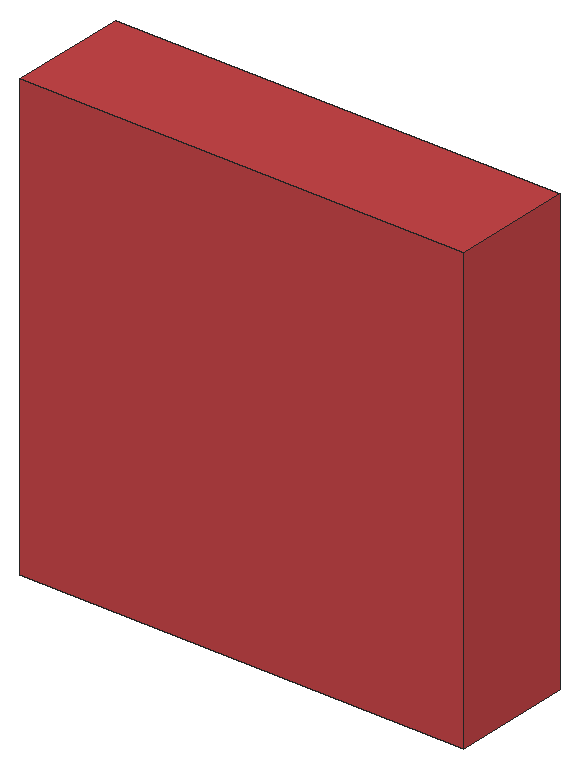
Revit family "IQ8Wireless universal interface", category Fire Alarm Devices, Revit 2014
Parameters (values of type "MCP Large")
  type of detector [instance] = "HM"
  material 3 = White
  material 2 = Transparant
  material = Red
  l1 = 133 mm
  h1 = 133 mm
  distance to the wall [instance] = 0 mm
  distance symbol from center [instance] = 0 mm
  content_version = "1.0"
  content_date_modified = "16.06.2015"
  content_date_creation = "16.06.2015"  # constant formula
  b2 = 4 mm
  b1 = 36 mm
  article number = "704900 + 804905"
  URL = "https://www.esser-systems.com/en/produkte/details/manual-call-points/large-design-abs/704900-mcp-housing-large-with-glass-pane-red-similar-to-ral-3020.html"
  Model = "MCP housing large with glass pane, red, similar to RAL 3020 with IQ8MCP electronic module with isolator"
  Manufacturer = "Esser by Honeywell"  # constant formula
  GTIN = ""
  GLN = ""
Reference planes
  plane 1 "Center (Front/Back)": y = 0
  plane 2: z = 0
  plane 3 "Center (Left/Right)": x = 0
  plane 4 "Left": x = 66.5
  plane 5 "Right": x = -66.5
  plane 6 "Front": y = 36
  plane 7 "Top": z = 66.5
  plane 8 "Flip Front": y = 32
  plane 9 "Bottom": z = -66.5
Forms (mm)
  Extrusion 1, solid, material "Red" <- "material"
    sketch origin (0, 36, 0) x (1, 0, 0) y (0, 0, 1)
      loop
        line (66.5, 66.5) -> (-66.5, 66.5) -> (-66.5, -66.5) -> (66.5, -66.5) -> (66.5, 66.5)
    from 0 to 36
  Extrusion 2, void
    sketch origin (0, 36, 0) x (1, 0, 0) y (0, 0, 1)
      loop
        line (37.5, 37.5) -> (-37.5, 37.5) -> (-37.5, -37.5) -> (37.5, -37.5) -> (37.5, 37.5)
      loop
        line (37.5, 42.588) -> (37.5, 63.666) -> (-37.5, 63.666) -> (-37.5, 42.588) -> (37.5, 42.588)
    from 0 to 5
  Extrusion 3, solid, material "Transparant" <- "material 2"
    sketch origin (0, 36, 0) x (1, 0, 0) y (0, 0, 1)
      loop
        line (37.5, 63.666) -> (-37.5, 63.666) -> (-37.5, 42.588) -> (37.5, 42.588) -> (37.5, 63.666)
      loop
        line (37.5, 37.5) -> (-37.5, 37.5) -> (-37.5, -37.5) -> (37.5, -37.5) -> (37.5, 37.5)
    from 0 to 4
  Extrusion 4, solid, material "White" <- "material 3"
    sketch origin (-224.809, 36, -595.986) x (1, 0, 0) y (0, 0, 1)
      loop
        line (231.637, 652.295) -> (231.637, 657.381) -> (227.957, 657.381) -> (227.957, 654.376) -> (228.757, 653.895) -> (228.757, 656.581) -> (230.837, 656.581) -> (230.837, 652.776) -> (231.637, 652.295)
      loop
        line (234.379, 649.928) -> (224.809, 655.679) -> (215.238, 649.928) -> (215.238, 648.995) -> (224.809, 654.745) -> (234.379, 648.995) -> (234.379, 649.928)
      loop
        line (232.325, 649.765) -> (232.325, 641.64) -> (227.685, 641.64) -> (227.685, 648.04) -> (226.885, 648.04) -> (226.885, 640.84) -> (233.125, 640.84) -> (233.125, 649.285) -> (232.325, 649.765)
      loop
        line (221.937, 641.64) -> (217.293, 641.64) -> (217.293, 649.765) -> (216.493, 649.285) -> (216.493, 640.84) -> (221.937, 640.84) -> (221.937, 641.64)
    from 4 to 5
  Extrusion 5, solid, material "White" <- "material 3"
    sketch origin (-224.809, 36, -595.986) x (1, 0, 0) y (0, 0, 1)
      loop
        spline (222.313, 645.15) -> (221.654, 645.953) -> (221.379, 646.226) -> (221.15, 646.245) -> (220.93, 646.095) -> (220.778, 645.804) -> (220.733, 645.402) -> (220.788, 644.931) -> (220.932, 644.435) -> (221.16, 643.946) -> (221.503, 643.434) -> (222.001, 642.842) -> (222.699, 642.116)
        spline (222.699, 642.116) -> (223.283, 642.807) -> (223.611, 643.41) -> (223.752, 643.921) -> (223.775, 644.338) -> (223.72, 644.672) -> (223.593, 644.946) -> (223.402, 645.184) -> (223.16, 645.388) -> (222.914, 645.477) -> (222.713, 645.361) -> (222.552, 645.116) -> (222.313, 645.15)
      loop
        spline (222.89, 641.46) -> (224.923, 642.494) -> (225.915, 643.836) -> (226.203, 645.143) -> (226.069, 646.382) -> (225.687, 647.534) -> (225.037, 648.52) -> (224.158, 649.326) -> (223.242, 650.074) -> (222.407, 650.945) -> (221.615, 652.19) -> (220.811, 654.091) -> (219.927, 657.001)
        spline (219.927, 657.001) -> (219.845, 655.812) -> (219.819, 654.784) -> (219.839, 653.893) -> (219.898, 653.112) -> (219.989, 652.418) -> (220.102, 651.785) -> (220.231, 651.187) -> (220.366, 650.605) -> (220.495, 650.043) -> (220.604, 649.511) -> (220.679, 649.019) -> (220.707, 648.577)
        spline (220.707, 648.577) -> (220.43, 648.751) -> (220.163, 648.935) -> (219.904, 649.131) -> (219.651, 649.345) -> (219.4, 649.58) -> (219.151, 649.839) -> (218.899, 650.127) -> (218.643, 650.447) -> (218.38, 650.804) -> (218.107, 651.2) -> (217.821, 651.641) -> (217.522, 652.128)
        spline (217.522, 652.128) -> (217.649, 649.95) -> (217.809, 648.901) -> (217.785, 648.051) -> (217.704, 647.213) -> (217.728, 646.369) -> (217.973, 645.572) -> (218.484, 644.866) -> (219.148, 644.268) -> (219.862, 643.754) -> (220.647, 643.172) -> (221.578, 642.377) -> (222.89, 641.46)
    from 4 to 5
Cuts and joins
  Extrusion 2 cuts Extrusion 1
  joined: Extrusion 4, Extrusion 5
Lines and regions (mm)
  model lines
    curve 1: arc (-52, 36, 35.567) -> (0, 36, -63) -> (52, 36, 35.567) r 63
    curve 2: arc (-37.5, 36, 37.5) -> (0, 36, -53.033) -> (37.5, 36, 37.5) r 53.033
    curve 3: line (-52, 36, 35.567) -> (-52, 36, 66.5)
    curve 4: line (52, 36, 35.567) -> (52, 36, 66.5)
    curve 5: line (52, 36, 66.5) -> (52, 0, 66.5)
    curve 6: line (-52, 36, 66.5) -> (-52, 0, 66.5)
    curve 7: line (10, 36, -37.5) -> (10, 36, -58.709)
    curve 8: line (-10, 36, -37.5) -> (-10, 36, -58.709)
    curve 9: arc (-10, 36, -58.709) -> (0, 36, -59.554) -> (10, 36, -58.709) r 59.554
Dimensions and locks
  equal spacing: plane 4 "Left", plane 3 "Center (Left/Right)", plane 5 "Right"
  "b1": plane 1 "Center (Front/Back)" to plane 6 "Front"
  "l1": plane 4 "Left" to plane 5 "Right"
  locked: plane 2 to level
  "b2": plane 8 "Flip Front" to plane 6 "Front"
  equal spacing: plane 7 "Top", level, plane 9 "Bottom"
  "h1": plane 7 "Top" to plane 9 "Bottom"
  locked: plane 6 "Front" to nested 1 at 4.8
  aligned and locked: plane 7 "Top" to Extrusion 1 sketch curve
  aligned and locked: Extrusion 1 sketch curve to plane 4 "Left"
  aligned and locked: Extrusion 1 sketch curve to plane 9 "Bottom"
  aligned and locked: Extrusion 1 sketch curve to plane 5 "Right"
  aligned and locked: plane 1 "Center (Front/Back)" to Extrusion 1
  aligned and locked: nested 1 to plane 3 "Center (Left/Right)"
  aligned and locked: Extrusion 3 sketch curve to cut or joined group of Extrusion 1, Extrusion 2  (x4)
  aligned and locked: Extrusion 3 sketch curve to nested 1  (x4)
  aligned and locked: Extrusion 3 to plane 8 "Flip Front"
  aligned and locked: cut or joined group of Extrusion 4, Extrusion 5 to cut or joined group of Extrusion 1, Extrusion 2  (x2)
  aligned and locked: curve 5 to curve 4
  aligned and locked: curve 6 to curve 3
  aligned and locked: nested 1 to curve 7
  aligned and locked: nested 1 to curve 8
Automatic sketch dimensions
  curve 1 to curve 2 = 0 mm  (x2)
  curve 1 to curve 9 = 0 mm  (x2)
  curve 2 to curve 9 = 0 mm  (x2)
  curve 3 to plane 7 "Top" = 0 mm
  curve 1 to level = 0 mm
  plane 3 "Center (Left/Right)" to curve 1 = 0 mm
  curve 4 to plane 7 "Top" = 0 mm
  plane 3 "Center (Left/Right)" to curve 8 = 10 mm
  plane 5 "Right" to curve 3 = 14.5 mm
  curve 7 to plane 3 "Center (Left/Right)" = 10 mm
  plane 4 "Left" to curve 4 = 14.5 mm
  plane 9 "Bottom" to curve 7 = 7.791 mm
  curve 3 to curve 3 = 30.933 mm
  curve 3 to curve 2 = 14.5 mm
  curve 2 to curve 1 = 14.5 mm
  curve 3 to curve 2 = 1.933 mm
  Extrusion 2 sketch curve to plane 7 "Top" = 2.834 mm
  plane 5 "Right" to Extrusion 2 sketch curve = 29 mm
  Extrusion 2 sketch curve to Extrusion 2 sketch curve = 0 mm  (x2)
  plane 4 "Left" to Extrusion 2 sketch curve = 29 mm
  Extrusion 2 sketch curve to Extrusion 2 sketch curve = 21.078 mm
  Extrusion 2 sketch curve to Extrusion 2 sketch curve = 5.088 mm
  plane 9 "Bottom" to Extrusion 2 sketch curve = 29 mm
  plane 3 "Center (Left/Right)" to Extrusion 4 sketch curve = 0 mm  (x2)
  plane 3 "Center (Left/Right)" to Extrusion 4 sketch curve = 2.872 mm
  Extrusion 4 sketch curve to Extrusion 4 sketch curve = 4.644 mm
  Extrusion 4 sketch curve to Extrusion 4 sketch curve = 0.8 mm  (x8)
  Extrusion 4 sketch curve to Extrusion 4 sketch curve = 1.255 mm  (x2)
  Extrusion 4 sketch curve to plane 3 "Center (Left/Right)" = 2.076 mm
  Extrusion 4 sketch curve to plane 3 "Center (Left/Right)" = 3.149 mm
  Extrusion 4 sketch curve to Extrusion 4 sketch curve = 2.08 mm
  Extrusion 4 sketch curve to Extrusion 4 sketch curve = 4.64 mm
  Extrusion 4 sketch curve to plane 7 "Top" = 21.647 mm
  Extrusion 4 sketch curve to Extrusion 4 sketch curve = 0 mm
  Extrusion 4 sketch curve to Extrusion 4 sketch curve = 6.4 mm
  Extrusion 4 sketch curve to Extrusion 4 sketch curve = 0.955 mm
  Extrusion 4 sketch curve to Extrusion 4 sketch curve = 7.355 mm
  Extrusion 4 sketch curve to Extrusion 4 sketch curve = 0.29 mm  (x2)
  Extrusion 4 sketch curve to Extrusion 4 sketch curve = 0.481 mm  (x4)
  Extrusion 4 sketch curve to Extrusion 4 sketch curve = 0.933 mm  (x3)
  Extrusion 4 sketch curve to Extrusion 4 sketch curve = 2.529 mm
  Extrusion 4 sketch curve to Extrusion 4 sketch curve = 1.119 mm
  Extrusion 4 sketch curve to Extrusion 4 sketch curve = 0.37 mm
  Extrusion 4 sketch curve to Extrusion 4 sketch curve = 2.205 mm
  plane 3 "Center (Left/Right)" to Extrusion 5 sketch curve = 7.287 mm
  plane 3 "Center (Left/Right)" to Extrusion 5 sketch curve = 4.882 mm
  plane 3 "Center (Left/Right)" to Extrusion 5 sketch curve = 4.101 mm
  plane 3 "Center (Left/Right)" to Extrusion 5 sketch curve = 2.11 mm
  Extrusion 5 sketch curve to Extrusion 5 sketch curve = 0.191 mm
  Extrusion 5 sketch curve to plane 7 "Top" = 21.026 mm
  Extrusion 5 sketch curve to Extrusion 5 sketch curve = 0.656 mm
  Extrusion 5 sketch curve to Extrusion 5 sketch curve = 6.461 mm
  Extrusion 5 sketch curve to Extrusion 5 sketch curve = 3.551 mm
  Extrusion 5 sketch curve to Extrusion 5 sketch curve = 4.872 mm
  plane 3 "Center (Left/Right)" to Extrusion 5 sketch curve = 2.496 mm
  Extrusion 5 sketch curve to Extrusion 5 sketch curve = 0 mm  (x2)
  Extrusion 5 sketch curve to Extrusion 5 sketch curve = 3.034 mm
  Extrusion 1 to curve 6 = 0 mm
  Extrusion 1 to curve 5 = 0 mm
  curve 6 to Extrusion 1 = 0 mm
  curve 5 to Extrusion 1 = 0 mm
Nested families
  nested 1: "IQ8MCP electronic module" at (0, 11.2, 0) x (-1, 0, 0) z (0, 0, 1), type "IQ8MCP electronic module"
  nested 2: "NLRS_65_GA_UN_handbrandmelder opbouw_generiek_CGA_ENG" at (0, 0, 0), type of detector <- "type of detector", distance to the wall <- "distance to the wall", distance symbol from center <- "distance symbol from center", type "handbrandmelder opbouw_generiek"
    with type of detector "HM", distance to the wall 0 mm, distance symbol from center 0 mm, atdm min 0 mm, atdm 0 mm, afst mid plus 0 mm, afst mid min 0 mm
Connectors
  electrical at (0, 0, 0)
    settings: on cut or joined group of Extrusion 1, Extrusion 2, index 1, voltage 0 V, apparent load 0 VA, apparent load phase1 0 VA, apparent load phase2 0 VA, apparent load phase3 0 VA, power factor 1, load classification "Other", number of poles 1, system type 11, power factor state 1, is connector primary yes, connector utility no, sub classification motor no, connector description ""
Definition of nested family "IQ8MCP electronic module"
  Parameters (values of type "IQ8MCP electronic module")
    material 2 = Black
    material = White
    l1 = 75 mm
    h1 = 75 mm
    content_version = "1.0"
    content_date_modified = "16.06.2015"
    content_date_creation = "16.06.2015"  # constant formula
    b1 = 20 mm
    article number = "804905"
    URL = "https://www.esser-systems.com/en/produkte/details/manual-call-points/large-design-abs/804905-iq8mcp-electronic-module-with-isolator.html"
    Model = "IQ8MCP electronic module with isolator"
    Manufacturer = "Esser by Honeywell"  # constant formula
    GTIN = ""
    GLN = ""
  Reference planes
    plane 1 "Center (Front/Back)": y = 0
    plane 2: z = 0
    plane 3 "Center (Left/Right)": x = 0
    plane 4 "Left": x = -37.5
    plane 5 "Right": x = 37.5
    plane 6 "Front": y = -20
    plane 7 "Top": z = 37.5
    plane 8 "Bottom": z = -37.5
  Forms (mm)
    Extrusion 1, solid, material "White" <- "material"
      sketch origin (0, -20, 0) x (-1, 0, 0) y (0, 0, 1)
        loop
          line (37.5, 37.5) -> (-37.5, 37.5) -> (-37.5, -37.5) -> (37.5, -37.5) -> (37.5, 37.5)
      from 0 to 20
    Extrusion 2, solid, material "Black" <- "material 2"
      sketch origin (0, -20, 0) x (-1, 0, 0) y (0, 0, 1)
        loop
          circle (0, 0) r 8
        loop
          line (31.498, 4) -> (21.498, 4) -> (21.498, 8.75) -> (13.998, 0) -> (21.498, -8.75) -> (21.498, -4) -> (31.498, -4) -> (31.498, 4)
        loop
          line (-31.498, 4) -> (-31.498, -4) -> (-21.498, -4) -> (-21.498, -8.75) -> (-13.998, 0) -> (-21.498, 8.75) -> (-21.498, 4) -> (-31.498, 4)
      from -1 to 0
  Lines and regions (mm)
    model lines
      curve 1: line (-1.298, -20, -33.25) -> (-1.298, -20, -31.557)
      curve 2: line (-1.298, -20, -31.557) -> (-3.911, -20, -27.825)
      curve 3: line (-3.911, -20, -27.825) -> (-3.911, -20, -20.144)
      curve 4: arc (-3.911, -20, -20.144) -> (-2.677, -20, -18.91) -> (-1.444, -20, -20.144) r 1.234
      curve 5: line (-1.444, -20, -20.144) -> (-1.444, -20, -25.325)
      curve 6: line (-1.444, -20, -20.144) -> (-1.444, -20, -12.758)
      curve 7: arc (-1.444, -20, -12.758) -> (-0.021, -20, -11.335) -> (1.401, -20, -12.758) r 1.422
      curve 8: line (1.401, -20, -12.758) -> (1.401, -20, -21.057)
      curve 9: arc (1.401, -20, -17.952) -> (2.793, -20, -16.56) -> (4.185, -20, -17.952) r 1.392
      curve 10: arc (4.185, -20, -18.748) -> (5.351, -20, -17.582) -> (6.517, -20, -18.748) r 1.166
      curve 11: arc (6.517, -20, -19.505) -> (7.691, -20, -18.331) -> (8.864, -20, -19.505) r 1.174
      curve 12: line (4.185, -20, -17.952) -> (4.185, -20, -21.903)
      curve 13: line (6.517, -20, -18.748) -> (6.517, -20, -22.546)
      curve 14: line (8.864, -20, -19.505) -> (8.864, -20, -29.096)
      curve 15: line (8.864, -20, -29.096) -> (6.167, -20, -33.25)
      curve 16: line (-1.298, -20, -33.25) -> (6.167, -20, -33.25)
  Dimensions and locks
    equal spacing: plane 4 "Left", plane 3 "Center (Left/Right)", plane 5 "Right"
    "b1": plane 1 "Center (Front/Back)" to plane 6 "Front"
    "l1": plane 4 "Left" to plane 5 "Right"
    locked: plane 2 to level
    equal spacing: plane 7 "Top", level, plane 8 "Bottom"
    "h1": plane 7 "Top" to plane 8 "Bottom"
    aligned and locked: plane 7 "Top" to Extrusion 1 sketch curve
    aligned and locked: Extrusion 1 sketch curve to plane 4 "Left"
    aligned and locked: Extrusion 1 sketch curve to plane 8 "Bottom"
    aligned and locked: Extrusion 1 sketch curve to plane 5 "Right"
    aligned and locked: Extrusion 1 to plane 1 "Center (Front/Back)"
  Automatic sketch dimensions
    Extrusion 2 sketch curve to level = 0 mm  (x3)
    Extrusion 2 sketch curve to plane 3 "Center (Left/Right)" = 0 mm
    plane 3 "Center (Left/Right)" to curve 15 = 8.864 mm
    curve 11 to curve 11 = 1.174 mm
    curve 14 to curve 15 = 2.698 mm
    curve 10 to curve 10 = 1.166 mm
    curve 9 to curve 9 = 1.392 mm
    curve 7 to plane 3 "Center (Left/Right)" = 0.021 mm
    curve 2 to plane 3 "Center (Left/Right)" = 1.298 mm
    curve 4 to curve 4 = 1.234 mm
    curve 6 to level = 12.758 mm
    curve 9 to curve 7 = 5.194 mm
    curve 13 to curve 9 = 0.796 mm
    curve 14 to curve 13 = 0.757 mm
    curve 3 to curve 9 = 2.192 mm
    curve 2 to curve 3 = 7.681 mm
    plane 8 "Bottom" to curve 14 = 8.404 mm
    curve 2 to curve 2 = 3.732 mm
    curve 1 to curve 1 = 1.693 mm
    curve 8 to curve 5 = 0.913 mm
    curve 12 to curve 8 = 0.845 mm
    curve 13 to curve 12 = 0.644 mm
    curve 2 to curve 5 = 2.5 mm
    Extrusion 2 sketch curve to Extrusion 2 sketch curve = 13.998 mm
    level to Extrusion 2 sketch curve = 4 mm  (x2)
    Extrusion 2 sketch curve to Extrusion 2 sketch curve = 7.5 mm  (x2)
    Extrusion 2 sketch curve to Extrusion 2 sketch curve = 0 mm  (x2)
    plane 4 "Left" to Extrusion 2 sketch curve = 6.002 mm
    Extrusion 2 sketch curve to level = 4 mm  (x2)
    Extrusion 2 sketch curve to Extrusion 2 sketch curve = 4.75 mm  (x3)
    plane 3 "Center (Left/Right)" to Extrusion 2 sketch curve = 13.998 mm
    plane 5 "Right" to Extrusion 2 sketch curve = 6.002 mm
    Extrusion 2 sketch curve to level = 8.75 mm
    radius of Extrusion 2 sketch curve = 8 mm
Definition of nested family "NLRS_65_GA_UN_handbrandmelder opbouw_generiek_CGA_ENG"
  Parameters (values of type "handbrandmelder opbouw_generiek")
    type of detector [instance] = "HM"
    content_version = "4.0"  # constant formula
    content_modified_date = "06-05-2015"  # constant formula
    content_creation_date = "01-01-2012"  # constant formula
    atdm min [instance] = if(distance to the wall < 0 mm, -1 * distance to the wall, 0 mm)  # 50 mm
    atdm [instance] = if(distance to the wall > 0 mm, distance to the wall, 0 mm)  # 0 mm
    distance to the wall [instance] = -50 mm
    distance symbol from center [instance] = 0 mm
    afst mid plus [instance] = if(distance symbol from center > 0 mm, distance symbol from center, 0 mm)  # 0 mm
    afst mid min [instance] = if(distance symbol from center < 0 mm, -1 * distance symbol from center, 0 mm)  # 0 mm
    Description = "handbrandmelder inbouw"  # constant formula
    Copyright © Cadac = "www.cadac.com/aec"
  Reference planes
    plane 1: y = 0
    plane 2: x = 0
  Lines and regions (mm)
    reference lines, not visible
      curve 1: line (0, 8.982, 0) -> (0, -8.267, 0)
      curve 2: line (0, -8.267, 0) -> (0, 9, 0)
      curve 3: line (-13, -50, 0) -> (13.702, -50, 0)
    detail lines, style "Security Devices_Fire Safety Devices"
      curve 4: line (-2.932, -50, 0) -> (3.017, -50, 0)
      curve 5: line (3.017, -50, 0) -> (3.017, -44, 0)
      curve 6: line (3.017, -44, 0) -> (-2.932, -44, 0)
      curve 7: line (-2.932, -44, 0) -> (-2.932, -50, 0)
      curve 8: line (0, -46.887, 0) -> (0, -49, 0)
      curve 9: spline (-1.633, -45.203, 0) -> (-1.619, -45.433, 0) -> (-1.577, -45.659, 0) -> (-1.507, -45.877, 0) -> (-1.411, -46.082, 0) -> (-1.29, -46.271, 0) -> (-1.148, -46.439, 0) -> (-0.986, -46.585, 0) -> (-0.807, -46.704, 0) -> (-0.616, -46.796, 0) -> (-0.415, -46.858, 0) -> (-0.208, -46.888, 0) -> (0, -46.887, 0)
      curve 10: spline (0.043, -46.892, 0) -> (0.242, -46.877, 0) -> (0.437, -46.834, 0) -> (0.626, -46.763, 0) -> (0.805, -46.665, 0) -> (0.97, -46.543, 0) -> (1.12, -46.397, 0) -> (1.252, -46.231, 0) -> (1.362, -46.047, 0) -> (1.451, -45.849, 0) -> (1.515, -45.64, 0) -> (1.554, -45.423, 0) -> (1.567, -45.203, 0)
    detail lines, style "Security Devices_Fire Safety Devices", not visible
      curve 11: line (-148.799, 42.572, 0) -> (-142.85, 42.572, 0)
      curve 12: line (-142.85, 42.572, 0) -> (-142.85, 48.572, 0)
      curve 13: line (-142.85, 48.572, 0) -> (-148.799, 48.572, 0)
      curve 14: line (-148.799, 48.572, 0) -> (-148.799, 42.572, 0)
      curve 15: line (-145.867, 45.685, 0) -> (-145.867, 43.572, 0)
      curve 16: spline (-147.501, 47.369, 0) -> (-147.487, 47.139, 0) -> (-147.444, 46.912, 0) -> (-147.374, 46.695, 0) -> (-147.278, 46.49, 0) -> (-147.158, 46.301, 0) -> (-147.015, 46.133, 0) -> (-146.853, 45.987, 0) -> (-146.675, 45.868, 0) -> (-146.483, 45.776, 0) -> (-146.283, 45.714, 0) -> (-146.076, 45.684, 0) -> (-145.867, 45.685, 0)
      curve 17: spline (-145.825, 45.68, 0) -> (-145.626, 45.695, 0) -> (-145.43, 45.738, 0) -> (-145.242, 45.809, 0) -> (-145.063, 45.906, 0) -> (-144.897, 46.029, 0) -> (-144.747, 46.175, 0) -> (-144.616, 46.341, 0) -> (-144.505, 46.525, 0) -> (-144.417, 46.723, 0) -> (-144.353, 46.932, 0) -> (-144.314, 47.149, 0) -> (-144.301, 47.369, 0)
      curve 18: line (-2.932, -47, 0) -> (-2.732, -47, 0)
      curve 19: line (-148.799, 45.572, 0) -> (-148.599, 45.572, 0)
    reference lines
      curve 20: line (-13, -50, 0) -> (13.702, -50, 0)
  Text (mm)
    text "Cadac Group AEC" at (-305.182, -0.685, 0), not visible
    label "soort brandmelder" at (3.264, -48.621, 0), shows "type of detector"
    label "soort brandmelder" at (-142.603, 43.951, 0), shows "type of detector", not visible
  Dimensions and locks
    "atdm": curve 20 to curve 3
    "afst mid plus": curve 1 to curve 2
    "afst mid min": plane 2 to curve 2
    "atdm min": curve 20 to plane 1
    aligned and locked: curve 1 to curve 8
    aligned and locked: curve 3 to curve 4
  Automatic sketch dimensions
    curve 6 to curve 9 = 1.298 mm
    curve 9 to curve 9 = 1.524 mm
    curve 9 to curve 8 = 0.11 mm
    curve 9 to curve 10 = 0.152 mm
    curve 18 to curve 10 = 2.775 mm
    curve 10 to curve 10 = 1.524 mm
    curve 10 to curve 6 = 1.451 mm
    curve 4 to curve 8 = 1 mm
    curve 8 to curve 18 = 2 mm
    curve 18 to curve 9 = 0.108 mm
    curve 9 to curve 10 = 0 mm  (x2)
    curve 10 to curve 8 = 0.004 mm
    curve 10 to curve 6 = 1.203 mm
    curve 13 to curve 16 = 1.298 mm
    curve 16 to curve 16 = 1.524 mm
    curve 16 to curve 15 = 0.11 mm
    curve 16 to curve 17 = 0.152 mm
    curve 19 to curve 17 = 2.775 mm
    curve 17 to curve 17 = 1.524 mm
    curve 17 to curve 13 = 1.451 mm
    curve 11 to curve 15 = 1 mm
    curve 15 to curve 19 = 2 mm
    curve 19 to curve 16 = 0.108 mm
    curve 16 to curve 17 = 0 mm  (x2)
    curve 17 to curve 15 = 0.004 mm
    curve 17 to curve 13 = 1.203 mm
    curve 20 to plane 2 = 13 mm
    curve 3 to curve 20 = 0 mm  (x2)
    plane 2 to curve 20 = 13.702 mm
    plane 1 to curve 2 = 8.267 mm
    curve 1 to curve 2 = 0 mm
    curve 1 to plane 1 = 8.982 mm
    curve 1 to curve 2 = 0.018 mm
Types in the file's own list only (2): name | material | l1 | h1 | b1 | article number | URL | Model | Fire Alarm Device 01
  IQ8Wireless universal interface red | Red | 135 mm | 135 mm | 20 mm | "805601.1" | "http://www.esser-systems.com/en/produkte/details/wireless-components/wireless-modules/80560110-iq8wireless-universal-interface-wo-cover-red.html" | "IQ8Wireless universal interface w/o cover, red" | IQ8 MCP Large : MCP Large
  IQ8Wireless universal interface white | White | 135 mm | 135 mm | 20 mm | "805602.1" | "http://www.esser-systems.com/en/produkte/details/wireless-components/wireless-modules/80560210-iq8wireless-universal-interface-wo-cover-white.html" | "IQ8Wireless universal interface w/o cover, white" | IQ8 MCP Large : MCP Large
